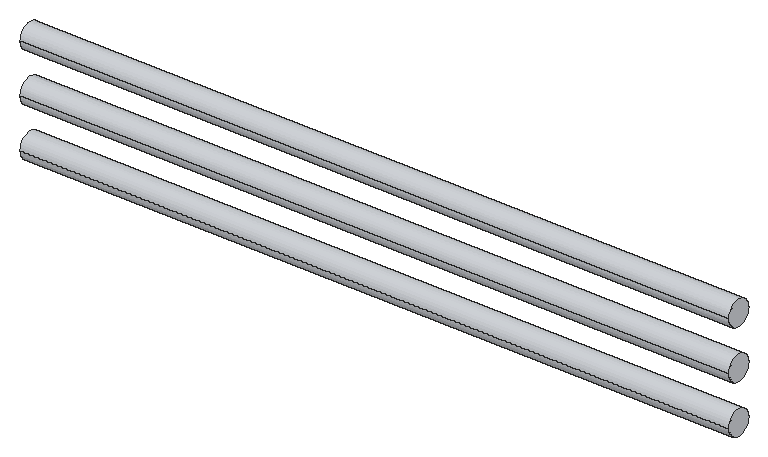
Revit family "tre tubi", category Modelli generici, Revit 2013
Parameters (values of type "57.8")
  lunghezza3tubi = 578 mm
  lunghezza = tubo : 57.8
Types (3, lengths in mm): name | lunghezza3tubi | lunghezza
  37.8 | 378 | tubo : 37.8 cm
  47.8 | 478 | tubo : 47.8 cm
  57.8 | 578 | tubo : 57.8
Reference planes
  plane 1 "Centro (Fronte/Retro)": y = 0
  plane 2: z = 0
  plane 3 "Centro (Sinistra/Destra)": x = 0
  plane 4: x = 578
Dimensions and locks
  "lunghezza3tubi": plane 4 to plane 3 "Centro (Sinistra/Destra)"
  aligned and locked: level to plane 2
  aligned and locked: plane 3 "Centro (Sinistra/Destra)" to nested 1
  aligned and locked: plane 1 "Centro (Fronte/Retro)" to nested 1
  aligned and locked: nested 1 to plane 3 "Centro (Sinistra/Destra)"
Nested families
  nested 1: "tubo" at (0, 0, 0), type <- "lunghezza", type "57.8"
  nested 2: "tubo" at (0, 0, 40), type <- "lunghezza", type "57.8"
  nested 3: "tubo" at (0, 0, 80), type <- "lunghezza", type "57.8"
Definition of nested family "tubo"
  Parameters (values of type "37.8 cm")
    lunghezza tubo = 378 mm
  Types (3, lengths in mm): name | lunghezza tubo
    47.8 cm | 478
    57.8 | 578
    37.8 cm | 378
  Reference planes
    plane 1 "Centro (Fronte/Retro)": y = 0
    plane 2: z = 0
    plane 3 "Centro (Sinistra/Destra)": x = 0
    plane 4: x = 378
  Forms (mm)
    Extrusion 1, solid
      sketch origin (0, 0, 0) x (0, 1, 0) y (0, 0, 1)
        loop
          circle (0, 0) r 10
      from 0 to 378 <- "lunghezza tubo"
  Dimensions and locks
    "lunghezza tubo": plane 4 to plane 3 "Centro (Sinistra/Destra)"
    aligned and locked: level to plane 2
  Automatic sketch dimensions
    Extrusion 1 sketch curve to level = 0 mm
    Extrusion 1 sketch curve to plane 1 "Centro (Fronte/Retro)" = 0 mm
    radius of Extrusion 1 sketch curve = 10 mm
